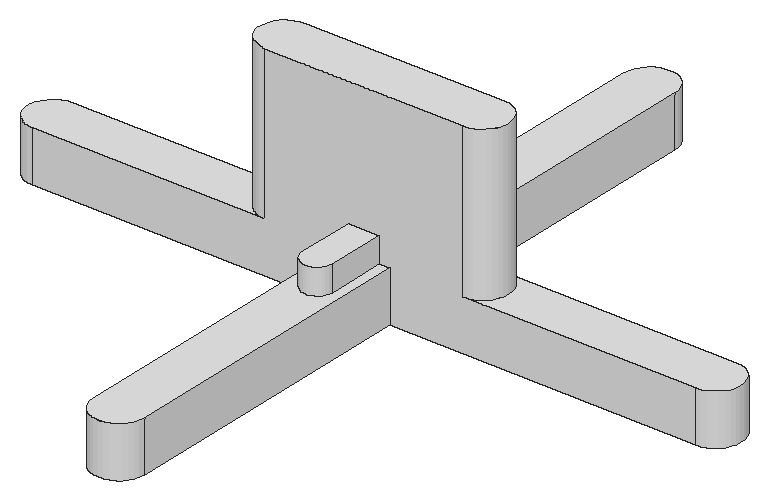
Revit family "111011001209001", category Modelos genéricos, Revit 2018
Family settings
  Puede alojar armadura = No
  Cota de conector redondo = Diámetro de uso
  Tipo de pieza = Normal
  Se basa en plano de trabajo = No
  Siempre vertical = No
  Corte con vacíos al cargar = No
  Compartido = No
  Punto de cálculo de habitación = No
Parameters (values of type "ESPACIADOR CON TOMADOR DE 2MM")
  Ventajas = "fácil de retirar."
  Uso = "Separadores diseñados para ayudar a instalar cerámica con separaciones uniformes. Son\r\nusados entre cerámica y bordes para proveer la junta de lechada (fragüe) óptima. Su diseño permite\r\ngran eficiencia en alineación de canteras."
  Unidad = "Bolsas de 200 UN"
  URL = "https://www.empresascnp.cl/"
  Num SKUs = "111011001209001"
  Nombre SKU = "ESPACIADOR CERAMICA PP 2MM BLANCO BOLSA 200UN"
  Modelo = "ESPACIADOR CON TOMADOR DE 2MM"
  Material = PP
  Url Ficha tecnica = "https://empresascnp.cl/wp-content/uploads//pdf/ficha-tecnica-espaciador-ceramica-pp-2mm-blanco-bolsa-200un.pdf"
  Espesor = 0.00 mm
  Empresa = "CNP SPA."
  Dureza = ""
  Dimension = 0.00 mm
  Descripción = "Sistema con agarres para simplificar la introducción y extracción de los espaciadores."
  Contacto = "info@empresascnp.cl"
  Color = "Blanco"
  Aplicacion = "Espaciador de cerámico con pestaña para retiro."
Reference planes
  plane 1 "Center F/B": y = 0
  plane 2: z = 0
  plane 3 "Center L/R": x = 0
  plane 4: z = 0
Forms (mm)
  Extrusion 1, solid, material "PP" <- "Material"
    sketch origin (0, -1.434, 0) x (1, 0, 0) y (0, 1, 0)
      loop
        arc (-13, 2.434) -> (-14, 1.434) -> (-13, 0.434) r 1
        line (-13, 0.434) -> (-1, 0.434) -> (-1, -11.566)
        arc (-1, -11.566) -> (0, -12.566) -> (1, -11.566) r 1
        line (1, -11.566) -> (1, 0.434) -> (13, 0.434)
        arc (13, 0.434) -> (14, 1.434) -> (13, 2.434) r 1
        line (13, 2.434) -> (1, 2.434) -> (1, 14.434)
        arc (1, 14.434) -> (0, 15.434) -> (-1, 14.434) r 1
        line (-1, 14.434) -> (-1, 2.434) -> (-13, 2.434)
    from 0 to 2
  Extrusion 2, solid, material "PP" <- "Material"
    sketch origin (0, 0, 0) x (1, 0, 0) y (0, 1, 0)
      loop
        line (3.875, 1) -> (-3.875, 1)
        arc (-3.875, 1) -> (-4.875, 0) -> (-3.875, -1) r 1
        line (-3.875, -1) -> (3.875, -1)
        arc (3.875, -1) -> (4.875, 0) -> (3.875, 1) r 1
    from 2 to 8
  Extrusion 3, solid, material "PP" <- "Material"
    sketch origin (0, 0, 0) x (1, 0, 0) y (0, 1, 0)
      loop
        line (0.59, -3.285) -> (0.59, 3.285)
        arc (0.59, 3.285) -> (0, 3.875) -> (-0.59, 3.285) r 0.59
        line (-0.59, 3.285) -> (-0.59, -3.285)
        arc (-0.59, -3.285) -> (0, -3.875) -> (0.59, -3.285) r 0.59
    from 2 to 3
Cuts and joins
  joined: Extrusion 1, Extrusion 2, Extrusion 3
Dimensions and locks
  "Dimension": plane 4 to level
Automatic sketch dimensions
  Extrusion 1 sketch curve to plane 3 "Center L/R" = 0.00 mm  (x2)
  Extrusion 1 sketch curve to plane 3 "Center L/R" = 1.00 mm
  Extrusion 1 sketch curve to plane 3 "Center L/R" = 13.00 mm
  plane 3 "Center L/R" to Extrusion 1 sketch curve = 13.00 mm
  Extrusion 1 sketch curve to Extrusion 1 sketch curve = 1.00 mm  (x2)
  plane 1 "Center F/B" to Extrusion 1 sketch curve = 13.00 mm
  Extrusion 1 sketch curve to plane 1 "Center F/B" = 13.00 mm
  plane 1 "Center F/B" to Extrusion 1 sketch curve = 1.00 mm  (x2)
  plane 3 "Center L/R" to Extrusion 1 sketch curve = 1.00 mm
  plane 1 "Center F/B" to Extrusion 2 sketch curve = 0.00 mm
  Extrusion 2 sketch curve to plane 1 "Center F/B" = 1.00 mm
  Extrusion 2 sketch curve to plane 3 "Center L/R" = 3.875 mm
  plane 3 "Center L/R" to Extrusion 2 sketch curve = 3.875 mm
  Extrusion 3 sketch curve to plane 3 "Center L/R" = 0.00 mm
  Extrusion 3 sketch curve to Extrusion 3 sketch curve = 0.59 mm
  plane 1 "Center F/B" to Extrusion 3 sketch curve = 3.285 mm
  Extrusion 3 sketch curve to plane 1 "Center F/B" = 3.285 mm
